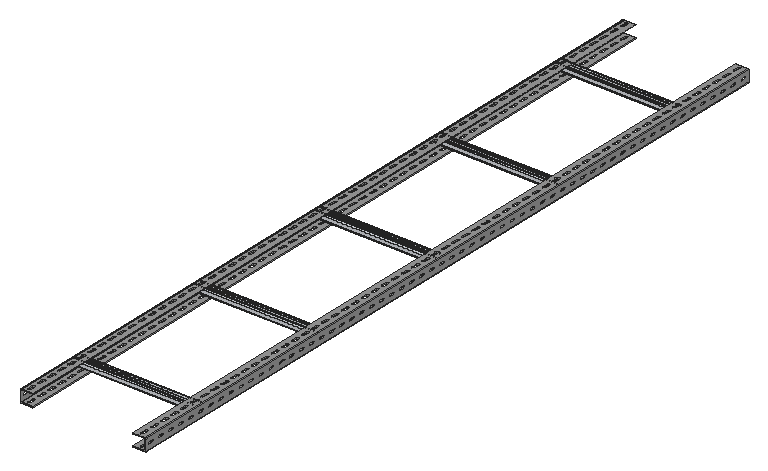
Revit family "steigeleiter__5_FT_FTSO_FTK_A2_A4.500rfa", category Generic Models, Revit 2017 (continued)
Forms (mm)
  Extrusion 150, void
    sketch origin (0, 1400, 0) x (1, 0, 0) y (0, 1, 0)
      loop
        arc (-230.5, 15.5) -> (-225, 10) -> (-219.5, 15.5) r 5.5
        line (-219.5, 15.5) -> (-219.5, 34.5)
        arc (-219.5, 34.5) -> (-225, 40) -> (-230.5, 34.5) r 5.5
        line (-230.5, 34.5) -> (-230.5, 15.5)
    from 0 to 2.5
  Extrusion 151, void
    sketch origin (0, 1450, 0) x (1, 0, 0) y (0, 1, 0)
      loop
        arc (-230.5, 15.5) -> (-225, 10) -> (-219.5, 15.5) r 5.5
        line (-219.5, 15.5) -> (-219.5, 34.5)
        arc (-219.5, 34.5) -> (-225, 40) -> (-230.5, 34.5) r 5.5
        line (-230.5, 34.5) -> (-230.5, 15.5)
    from 0 to 2.5
  Extrusion 152, void
    sketch origin (0, 1500, 0) x (1, 0, 0) y (0, 1, 0)
      loop
        arc (-230.5, 15.5) -> (-225, 10) -> (-219.5, 15.5) r 5.5
        line (-219.5, 15.5) -> (-219.5, 34.5)
        arc (-219.5, 34.5) -> (-225, 40) -> (-230.5, 34.5) r 5.5
        line (-230.5, 34.5) -> (-230.5, 15.5)
    from 0 to 2.5
  Extrusion 153, void
    sketch origin (0, 1550, 0) x (1, 0, 0) y (0, 1, 0)
      loop
        arc (-230.5, 15.5) -> (-225, 10) -> (-219.5, 15.5) r 5.5
        line (-219.5, 15.5) -> (-219.5, 34.5)
        arc (-219.5, 34.5) -> (-225, 40) -> (-230.5, 34.5) r 5.5
        line (-230.5, 34.5) -> (-230.5, 15.5)
    from 0 to 2.5
  Extrusion 154, void
    sketch origin (0, 1600, 0) x (1, 0, 0) y (0, 1, 0)
      loop
        arc (-230.5, 15.5) -> (-225, 10) -> (-219.5, 15.5) r 5.5
        line (-219.5, 15.5) -> (-219.5, 34.5)
        arc (-219.5, 34.5) -> (-225, 40) -> (-230.5, 34.5) r 5.5
        line (-230.5, 34.5) -> (-230.5, 15.5)
    from 0 to 2.5
  Extrusion 155, void
    sketch origin (0, 1650, 0) x (1, 0, 0) y (0, 1, 0)
      loop
        arc (-230.5, 15.5) -> (-225, 10) -> (-219.5, 15.5) r 5.5
        line (-219.5, 15.5) -> (-219.5, 34.5)
        arc (-219.5, 34.5) -> (-225, 40) -> (-230.5, 34.5) r 5.5
        line (-230.5, 34.5) -> (-230.5, 15.5)
    from 0 to 2.5
  Extrusion 156, void
    sketch origin (0, 1700, 0) x (1, 0, 0) y (0, 1, 0)
      loop
        arc (-230.5, 15.5) -> (-225, 10) -> (-219.5, 15.5) r 5.5
        line (-219.5, 15.5) -> (-219.5, 34.5)
        arc (-219.5, 34.5) -> (-225, 40) -> (-230.5, 34.5) r 5.5
        line (-230.5, 34.5) -> (-230.5, 15.5)
    from 0 to 2.5
  Extrusion 157, void
    sketch origin (0, 1750, 0) x (1, 0, 0) y (0, 1, 0)
      loop
        arc (-230.5, 15.5) -> (-225, 10) -> (-219.5, 15.5) r 5.5
        line (-219.5, 15.5) -> (-219.5, 34.5)
        arc (-219.5, 34.5) -> (-225, 40) -> (-230.5, 34.5) r 5.5
        line (-230.5, 34.5) -> (-230.5, 15.5)
    from 0 to 2.5
  Extrusion 158, void
    sketch origin (0, 1800, 0) x (1, 0, 0) y (0, 1, 0)
      loop
        arc (-230.5, 15.5) -> (-225, 10) -> (-219.5, 15.5) r 5.5
        line (-219.5, 15.5) -> (-219.5, 34.5)
        arc (-219.5, 34.5) -> (-225, 40) -> (-230.5, 34.5) r 5.5
        line (-230.5, 34.5) -> (-230.5, 15.5)
    from 0 to 2.5
  Extrusion 159, void
    sketch origin (0, 1850, 0) x (1, 0, 0) y (0, 1, 0)
      loop
        arc (-230.5, 15.5) -> (-225, 10) -> (-219.5, 15.5) r 5.5
        line (-219.5, 15.5) -> (-219.5, 34.5)
        arc (-219.5, 34.5) -> (-225, 40) -> (-230.5, 34.5) r 5.5
        line (-230.5, 34.5) -> (-230.5, 15.5)
    from 0 to 2.5
  Extrusion 160, void
    sketch origin (0, 1900, 0) x (1, 0, 0) y (0, 1, 0)
      loop
        arc (-230.5, 15.5) -> (-225, 10) -> (-219.5, 15.5) r 5.5
        line (-219.5, 15.5) -> (-219.5, 34.5)
        arc (-219.5, 34.5) -> (-225, 40) -> (-230.5, 34.5) r 5.5
        line (-230.5, 34.5) -> (-230.5, 15.5)
    from 0 to 2.5
  Extrusion 161, void
    sketch origin (0, 1950, 0) x (1, 0, 0) y (0, 1, 0)
      loop
        arc (-230.5, 15.5) -> (-225, 10) -> (-219.5, 15.5) r 5.5
        line (-219.5, 15.5) -> (-219.5, 34.5)
        arc (-219.5, 34.5) -> (-225, 40) -> (-230.5, 34.5) r 5.5
        line (-230.5, 34.5) -> (-230.5, 15.5)
    from 0 to 2.5
  Extrusion 162, void
    sketch origin (0, 2000, 0) x (1, 0, 0) y (0, 1, 0)
      loop
        arc (-230.5, 15.5) -> (-225, 10) -> (-219.5, 15.5) r 5.5
        line (-219.5, 15.5) -> (-219.5, 34.5)
        arc (-219.5, 34.5) -> (-225, 40) -> (-230.5, 34.5) r 5.5
        line (-230.5, 34.5) -> (-230.5, 15.5)
    from 0 to 2.5
  Extrusion 163, void
    sketch origin (0, 2050, 0) x (1, 0, 0) y (0, 1, 0)
      loop
        arc (-230.5, 15.5) -> (-225, 10) -> (-219.5, 15.5) r 5.5
        line (-219.5, 15.5) -> (-219.5, 34.5)
        arc (-219.5, 34.5) -> (-225, 40) -> (-230.5, 34.5) r 5.5
        line (-230.5, 34.5) -> (-230.5, 15.5)
    from 0 to 2.5
  Extrusion 164, void
    sketch origin (0, 2100, 0) x (1, 0, 0) y (0, 1, 0)
      loop
        arc (-230.5, 15.5) -> (-225, 10) -> (-219.5, 15.5) r 5.5
        line (-219.5, 15.5) -> (-219.5, 34.5)
        arc (-219.5, 34.5) -> (-225, 40) -> (-230.5, 34.5) r 5.5
        line (-230.5, 34.5) -> (-230.5, 15.5)
    from 0 to 2.5
  Extrusion 165, void
    sketch origin (0, 2150, 0) x (1, 0, 0) y (0, 1, 0)
      loop
        arc (-230.5, 15.5) -> (-225, 10) -> (-219.5, 15.5) r 5.5
        line (-219.5, 15.5) -> (-219.5, 34.5)
        arc (-219.5, 34.5) -> (-225, 40) -> (-230.5, 34.5) r 5.5
        line (-230.5, 34.5) -> (-230.5, 15.5)
    from 0 to 2.5
  Extrusion 166, void
    sketch origin (0, 2200, 0) x (1, 0, 0) y (0, 1, 0)
      loop
        arc (-230.5, 15.5) -> (-225, 10) -> (-219.5, 15.5) r 5.5
        line (-219.5, 15.5) -> (-219.5, 34.5)
        arc (-219.5, 34.5) -> (-225, 40) -> (-230.5, 34.5) r 5.5
        line (-230.5, 34.5) -> (-230.5, 15.5)
    from 0 to 2.5
  Extrusion 167, void
    sketch origin (0, 2250, 0) x (1, 0, 0) y (0, 1, 0)
      loop
        arc (-230.5, 15.5) -> (-225, 10) -> (-219.5, 15.5) r 5.5
        line (-219.5, 15.5) -> (-219.5, 34.5)
        arc (-219.5, 34.5) -> (-225, 40) -> (-230.5, 34.5) r 5.5
        line (-230.5, 34.5) -> (-230.5, 15.5)
    from 0 to 2.5
  Extrusion 168, void
    sketch origin (0, 2300, 0) x (1, 0, 0) y (0, 1, 0)
      loop
        arc (-230.5, 15.5) -> (-225, 10) -> (-219.5, 15.5) r 5.5
        line (-219.5, 15.5) -> (-219.5, 34.5)
        arc (-219.5, 34.5) -> (-225, 40) -> (-230.5, 34.5) r 5.5
        line (-230.5, 34.5) -> (-230.5, 15.5)
    from 0 to 2.5
  Extrusion 169, void
    sketch origin (0, 2350, 0) x (1, 0, 0) y (0, 1, 0)
      loop
        arc (-230.5, 15.5) -> (-225, 10) -> (-219.5, 15.5) r 5.5
        line (-219.5, 15.5) -> (-219.5, 34.5)
        arc (-219.5, 34.5) -> (-225, 40) -> (-230.5, 34.5) r 5.5
        line (-230.5, 34.5) -> (-230.5, 15.5)
    from 0 to 2.5
  Extrusion 170, void
    sketch origin (0, 2400, 0) x (1, 0, 0) y (0, 1, 0)
      loop
        arc (-230.5, 15.5) -> (-225, 10) -> (-219.5, 15.5) r 5.5
        line (-219.5, 15.5) -> (-219.5, 34.5)
        arc (-219.5, 34.5) -> (-225, 40) -> (-230.5, 34.5) r 5.5
        line (-230.5, 34.5) -> (-230.5, 15.5)
    from 0 to 2.5
  Extrusion 171, void
    sketch origin (0, 2450, 0) x (1, 0, 0) y (0, 1, 0)
      loop
        arc (-230.5, 15.5) -> (-225, 10) -> (-219.5, 15.5) r 5.5
        line (-219.5, 15.5) -> (-219.5, 34.5)
        arc (-219.5, 34.5) -> (-225, 40) -> (-230.5, 34.5) r 5.5
        line (-230.5, 34.5) -> (-230.5, 15.5)
    from 0 to 2.5
  Extrusion 172, void
    sketch origin (0, 2500, 0) x (1, 0, 0) y (0, 1, 0)
      loop
        arc (-230.5, 15.5) -> (-225, 10) -> (-219.5, 15.5) r 5.5
        line (-219.5, 15.5) -> (-219.5, 34.5)
        arc (-219.5, 34.5) -> (-225, 40) -> (-230.5, 34.5) r 5.5
        line (-230.5, 34.5) -> (-230.5, 15.5)
    from 0 to 2.5
  Extrusion 173, void
    sketch origin (0, 2550, 0) x (1, 0, 0) y (0, 1, 0)
      loop
        arc (-230.5, 15.5) -> (-225, 10) -> (-219.5, 15.5) r 5.5
        line (-219.5, 15.5) -> (-219.5, 34.5)
        arc (-219.5, 34.5) -> (-225, 40) -> (-230.5, 34.5) r 5.5
        line (-230.5, 34.5) -> (-230.5, 15.5)
    from 0 to 2.5
  Extrusion 174, void
    sketch origin (0, 2600, 0) x (1, 0, 0) y (0, 1, 0)
      loop
        arc (-230.5, 15.5) -> (-225, 10) -> (-219.5, 15.5) r 5.5
        line (-219.5, 15.5) -> (-219.5, 34.5)
        arc (-219.5, 34.5) -> (-225, 40) -> (-230.5, 34.5) r 5.5
        line (-230.5, 34.5) -> (-230.5, 15.5)
    from 0 to 2.5
  Extrusion 175, void
    sketch origin (0, 2650, 0) x (1, 0, 0) y (0, 1, 0)
      loop
        arc (-230.5, 15.5) -> (-225, 10) -> (-219.5, 15.5) r 5.5
        line (-219.5, 15.5) -> (-219.5, 34.5)
        arc (-219.5, 34.5) -> (-225, 40) -> (-230.5, 34.5) r 5.5
        line (-230.5, 34.5) -> (-230.5, 15.5)
    from 0 to 2.5
  Extrusion 176, void
    sketch origin (0, 2700, 0) x (1, 0, 0) y (0, 1, 0)
      loop
        arc (-230.5, 15.5) -> (-225, 10) -> (-219.5, 15.5) r 5.5
        line (-219.5, 15.5) -> (-219.5, 34.5)
        arc (-219.5, 34.5) -> (-225, 40) -> (-230.5, 34.5) r 5.5
        line (-230.5, 34.5) -> (-230.5, 15.5)
    from 0 to 2.5
  Extrusion 177, void
    sketch origin (0, 2750, 0) x (1, 0, 0) y (0, 1, 0)
      loop
        arc (-230.5, 15.5) -> (-225, 10) -> (-219.5, 15.5) r 5.5
        line (-219.5, 15.5) -> (-219.5, 34.5)
        arc (-219.5, 34.5) -> (-225, 40) -> (-230.5, 34.5) r 5.5
        line (-230.5, 34.5) -> (-230.5, 15.5)
    from 0 to 2.5
  Extrusion 178, void
    sketch origin (0, 2800, 0) x (1, 0, 0) y (0, 1, 0)
      loop
        arc (-230.5, 15.5) -> (-225, 10) -> (-219.5, 15.5) r 5.5
        line (-219.5, 15.5) -> (-219.5, 34.5)
        arc (-219.5, 34.5) -> (-225, 40) -> (-230.5, 34.5) r 5.5
        line (-230.5, 34.5) -> (-230.5, 15.5)
    from 0 to 2.5
  Extrusion 179, void
    sketch origin (0, 2850, 0) x (1, 0, 0) y (0, 1, 0)
      loop
        arc (-230.5, 15.5) -> (-225, 10) -> (-219.5, 15.5) r 5.5
        line (-219.5, 15.5) -> (-219.5, 34.5)
        arc (-219.5, 34.5) -> (-225, 40) -> (-230.5, 34.5) r 5.5
        line (-230.5, 34.5) -> (-230.5, 15.5)
    from 0 to 2.5
  Extrusion 180, void
    sketch origin (0, 2900, 0) x (1, 0, 0) y (0, 1, 0)
      loop
        arc (-230.5, 15.5) -> (-225, 10) -> (-219.5, 15.5) r 5.5
        line (-219.5, 15.5) -> (-219.5, 34.5)
        arc (-219.5, 34.5) -> (-225, 40) -> (-230.5, 34.5) r 5.5
        line (-230.5, 34.5) -> (-230.5, 15.5)
    from 0 to 2.5
  Extrusion 181, void
    sketch origin (0, 2950, 0) x (1, 0, 0) y (0, 1, 0)
      loop
        arc (-230.5, 15.5) -> (-225, 10) -> (-219.5, 15.5) r 5.5
        line (-219.5, 15.5) -> (-219.5, 34.5)
        arc (-219.5, 34.5) -> (-225, 40) -> (-230.5, 34.5) r 5.5
        line (-230.5, 34.5) -> (-230.5, 15.5)
    from 0 to 2.5
  Extrusion 182, void
    sketch origin (0, 0, 0) x (1, 0, 0) y (0, 1, 0)
      loop
        arc (219.5, 15.5) -> (225, 10) -> (230.5, 15.5) r 5.5
        line (230.5, 15.5) -> (230.5, 34.5)
        arc (230.5, 34.5) -> (225, 40) -> (219.5, 34.5) r 5.5
        line (219.5, 34.5) -> (219.5, 15.5)
    from 0 to 2.5
  Extrusion 183, void
    sketch origin (0, 50, 0) x (1, 0, 0) y (0, 1, 0)
      loop
        arc (219.5, 15.5) -> (225, 10) -> (230.5, 15.5) r 5.5
        line (230.5, 15.5) -> (230.5, 34.5)
        arc (230.5, 34.5) -> (225, 40) -> (219.5, 34.5) r 5.5
        line (219.5, 34.5) -> (219.5, 15.5)
    from 0 to 2.5
  Extrusion 184, void
    sketch origin (0, 100, 0) x (1, 0, 0) y (0, 1, 0)
      loop
        arc (219.5, 15.5) -> (225, 10) -> (230.5, 15.5) r 5.5
        line (230.5, 15.5) -> (230.5, 34.5)
        arc (230.5, 34.5) -> (225, 40) -> (219.5, 34.5) r 5.5
        line (219.5, 34.5) -> (219.5, 15.5)
    from 0 to 2.5
  Extrusion 185, void
    sketch origin (0, 150, 0) x (1, 0, 0) y (0, 1, 0)
      loop
        arc (219.5, 15.5) -> (225, 10) -> (230.5, 15.5) r 5.5
        line (230.5, 15.5) -> (230.5, 34.5)
        arc (230.5, 34.5) -> (225, 40) -> (219.5, 34.5) r 5.5
        line (219.5, 34.5) -> (219.5, 15.5)
    from 0 to 2.5
  Extrusion 186, void
    sketch origin (0, 200, 0) x (1, 0, 0) y (0, 1, 0)
      loop
        arc (219.5, 15.5) -> (225, 10) -> (230.5, 15.5) r 5.5
        line (230.5, 15.5) -> (230.5, 34.5)
        arc (230.5, 34.5) -> (225, 40) -> (219.5, 34.5) r 5.5
        line (219.5, 34.5) -> (219.5, 15.5)
    from 0 to 2.5
  Extrusion 187, void
    sketch origin (0, 250, 0) x (1, 0, 0) y (0, 1, 0)
      loop
        arc (219.5, 15.5) -> (225, 10) -> (230.5, 15.5) r 5.5
        line (230.5, 15.5) -> (230.5, 34.5)
        arc (230.5, 34.5) -> (225, 40) -> (219.5, 34.5) r 5.5
        line (219.5, 34.5) -> (219.5, 15.5)
    from 0 to 2.5
  Extrusion 188, void
    sketch origin (0, 300, 0) x (1, 0, 0) y (0, 1, 0)
      loop
        arc (219.5, 15.5) -> (225, 10) -> (230.5, 15.5) r 5.5
        line (230.5, 15.5) -> (230.5, 34.5)
        arc (230.5, 34.5) -> (225, 40) -> (219.5, 34.5) r 5.5
        line (219.5, 34.5) -> (219.5, 15.5)
    from 0 to 2.5
  Extrusion 189, void
    sketch origin (0, 350, 0) x (1, 0, 0) y (0, 1, 0)
      loop
        arc (219.5, 15.5) -> (225, 10) -> (230.5, 15.5) r 5.5
        line (230.5, 15.5) -> (230.5, 34.5)
        arc (230.5, 34.5) -> (225, 40) -> (219.5, 34.5) r 5.5
        line (219.5, 34.5) -> (219.5, 15.5)
    from 0 to 2.5
  Extrusion 190, void
    sketch origin (0, 400, 0) x (1, 0, 0) y (0, 1, 0)
      loop
        arc (219.5, 15.5) -> (225, 10) -> (230.5, 15.5) r 5.5
        line (230.5, 15.5) -> (230.5, 34.5)
        arc (230.5, 34.5) -> (225, 40) -> (219.5, 34.5) r 5.5
        line (219.5, 34.5) -> (219.5, 15.5)
    from 0 to 2.5
  Extrusion 191, void
    sketch origin (0, 450, 0) x (1, 0, 0) y (0, 1, 0)
      loop
        arc (219.5, 15.5) -> (225, 10) -> (230.5, 15.5) r 5.5
        line (230.5, 15.5) -> (230.5, 34.5)
        arc (230.5, 34.5) -> (225, 40) -> (219.5, 34.5) r 5.5
        line (219.5, 34.5) -> (219.5, 15.5)
    from 0 to 2.5
  Extrusion 192, void
    sketch origin (0, 500, 0) x (1, 0, 0) y (0, 1, 0)
      loop
        arc (219.5, 15.5) -> (225, 10) -> (230.5, 15.5) r 5.5
        line (230.5, 15.5) -> (230.5, 34.5)
        arc (230.5, 34.5) -> (225, 40) -> (219.5, 34.5) r 5.5
        line (219.5, 34.5) -> (219.5, 15.5)
    from 0 to 2.5
  Extrusion 193, void
    sketch origin (0, 550, 0) x (1, 0, 0) y (0, 1, 0)
      loop
        arc (219.5, 15.5) -> (225, 10) -> (230.5, 15.5) r 5.5
        line (230.5, 15.5) -> (230.5, 34.5)
        arc (230.5, 34.5) -> (225, 40) -> (219.5, 34.5) r 5.5
        line (219.5, 34.5) -> (219.5, 15.5)
    from 0 to 2.5
  Extrusion 194, void
    sketch origin (0, 600, 0) x (1, 0, 0) y (0, 1, 0)
      loop
        arc (219.5, 15.5) -> (225, 10) -> (230.5, 15.5) r 5.5
        line (230.5, 15.5) -> (230.5, 34.5)
        arc (230.5, 34.5) -> (225, 40) -> (219.5, 34.5) r 5.5
        line (219.5, 34.5) -> (219.5, 15.5)
    from 0 to 2.5
  Extrusion 195, void
    sketch origin (0, 650, 0) x (1, 0, 0) y (0, 1, 0)
      loop
        arc (219.5, 15.5) -> (225, 10) -> (230.5, 15.5) r 5.5
        line (230.5, 15.5) -> (230.5, 34.5)
        arc (230.5, 34.5) -> (225, 40) -> (219.5, 34.5) r 5.5
        line (219.5, 34.5) -> (219.5, 15.5)
    from 0 to 2.5
  Extrusion 196, void
    sketch origin (0, 700, 0) x (1, 0, 0) y (0, 1, 0)
      loop
        arc (219.5, 15.5) -> (225, 10) -> (230.5, 15.5) r 5.5
        line (230.5, 15.5) -> (230.5, 34.5)
        arc (230.5, 34.5) -> (225, 40) -> (219.5, 34.5) r 5.5
        line (219.5, 34.5) -> (219.5, 15.5)
    from 0 to 2.5
  Extrusion 197, void
    sketch origin (0, 750, 0) x (1, 0, 0) y (0, 1, 0)
      loop
        arc (219.5, 15.5) -> (225, 10) -> (230.5, 15.5) r 5.5
        line (230.5, 15.5) -> (230.5, 34.5)
        arc (230.5, 34.5) -> (225, 40) -> (219.5, 34.5) r 5.5
        line (219.5, 34.5) -> (219.5, 15.5)
    from 0 to 2.5
  Extrusion 198, void
    sketch origin (0, 800, 0) x (1, 0, 0) y (0, 1, 0)
      loop
        arc (219.5, 15.5) -> (225, 10) -> (230.5, 15.5) r 5.5
        line (230.5, 15.5) -> (230.5, 34.5)
        arc (230.5, 34.5) -> (225, 40) -> (219.5, 34.5) r 5.5
        line (219.5, 34.5) -> (219.5, 15.5)
    from 0 to 2.5
  Extrusion 199, void
    sketch origin (0, 850, 0) x (1, 0, 0) y (0, 1, 0)
      loop
        arc (219.5, 15.5) -> (225, 10) -> (230.5, 15.5) r 5.5
        line (230.5, 15.5) -> (230.5, 34.5)
        arc (230.5, 34.5) -> (225, 40) -> (219.5, 34.5) r 5.5
        line (219.5, 34.5) -> (219.5, 15.5)
    from 0 to 2.5
  Extrusion 200, void
    sketch origin (0, 900, 0) x (1, 0, 0) y (0, 1, 0)
      loop
        arc (219.5, 15.5) -> (225, 10) -> (230.5, 15.5) r 5.5
        line (230.5, 15.5) -> (230.5, 34.5)
        arc (230.5, 34.5) -> (225, 40) -> (219.5, 34.5) r 5.5
        line (219.5, 34.5) -> (219.5, 15.5)
    from 0 to 2.5
  Extrusion 201, void
    sketch origin (0, 950, 0) x (1, 0, 0) y (0, 1, 0)
      loop
        arc (219.5, 15.5) -> (225, 10) -> (230.5, 15.5) r 5.5
        line (230.5, 15.5) -> (230.5, 34.5)
        arc (230.5, 34.5) -> (225, 40) -> (219.5, 34.5) r 5.5
        line (219.5, 34.5) -> (219.5, 15.5)
    from 0 to 2.5
  Extrusion 202, void
    sketch origin (0, 1000, 0) x (1, 0, 0) y (0, 1, 0)
      loop
        arc (219.5, 15.5) -> (225, 10) -> (230.5, 15.5) r 5.5
        line (230.5, 15.5) -> (230.5, 34.5)
        arc (230.5, 34.5) -> (225, 40) -> (219.5, 34.5) r 5.5
        line (219.5, 34.5) -> (219.5, 15.5)
    from 0 to 2.5
  Extrusion 203, void
    sketch origin (0, 1050, 0) x (1, 0, 0) y (0, 1, 0)
      loop
        arc (219.5, 15.5) -> (225, 10) -> (230.5, 15.5) r 5.5
        line (230.5, 15.5) -> (230.5, 34.5)
        arc (230.5, 34.5) -> (225, 40) -> (219.5, 34.5) r 5.5
        line (219.5, 34.5) -> (219.5, 15.5)
    from 0 to 2.5
  Extrusion 204, void
    sketch origin (0, 1100, 0) x (1, 0, 0) y (0, 1, 0)
      loop
        arc (219.5, 15.5) -> (225, 10) -> (230.5, 15.5) r 5.5
        line (230.5, 15.5) -> (230.5, 34.5)
        arc (230.5, 34.5) -> (225, 40) -> (219.5, 34.5) r 5.5
        line (219.5, 34.5) -> (219.5, 15.5)
    from 0 to 2.5
  Extrusion 205, void
    sketch origin (0, 1150, 0) x (1, 0, 0) y (0, 1, 0)
      loop
        arc (219.5, 15.5) -> (225, 10) -> (230.5, 15.5) r 5.5
        line (230.5, 15.5) -> (230.5, 34.5)
        arc (230.5, 34.5) -> (225, 40) -> (219.5, 34.5) r 5.5
        line (219.5, 34.5) -> (219.5, 15.5)
    from 0 to 2.5
  Extrusion 206, void
    sketch origin (0, 1200, 0) x (1, 0, 0) y (0, 1, 0)
      loop
        arc (219.5, 15.5) -> (225, 10) -> (230.5, 15.5) r 5.5
        line (230.5, 15.5) -> (230.5, 34.5)
        arc (230.5, 34.5) -> (225, 40) -> (219.5, 34.5) r 5.5
        line (219.5, 34.5) -> (219.5, 15.5)
    from 0 to 2.5
  Extrusion 207, void
    sketch origin (0, 1250, 0) x (1, 0, 0) y (0, 1, 0)
      loop
        arc (219.5, 15.5) -> (225, 10) -> (230.5, 15.5) r 5.5
        line (230.5, 15.5) -> (230.5, 34.5)
        arc (230.5, 34.5) -> (225, 40) -> (219.5, 34.5) r 5.5
        line (219.5, 34.5) -> (219.5, 15.5)
    from 0 to 2.5
  Extrusion 208, void
    sketch origin (0, 1300, 0) x (1, 0, 0) y (0, 1, 0)
      loop
        arc (219.5, 15.5) -> (225, 10) -> (230.5, 15.5) r 5.5
        line (230.5, 15.5) -> (230.5, 34.5)
        arc (230.5, 34.5) -> (225, 40) -> (219.5, 34.5) r 5.5
        line (219.5, 34.5) -> (219.5, 15.5)
    from 0 to 2.5
  Extrusion 209, void
    sketch origin (0, 1350, 0) x (1, 0, 0) y (0, 1, 0)
      loop
        arc (219.5, 15.5) -> (225, 10) -> (230.5, 15.5) r 5.5
        line (230.5, 15.5) -> (230.5, 34.5)
        arc (230.5, 34.5) -> (225, 40) -> (219.5, 34.5) r 5.5
        line (219.5, 34.5) -> (219.5, 15.5)
    from 0 to 2.5
  Extrusion 210, void
    sketch origin (0, 1400, 0) x (1, 0, 0) y (0, 1, 0)
      loop
        arc (219.5, 15.5) -> (225, 10) -> (230.5, 15.5) r 5.5
        line (230.5, 15.5) -> (230.5, 34.5)
        arc (230.5, 34.5) -> (225, 40) -> (219.5, 34.5) r 5.5
        line (219.5, 34.5) -> (219.5, 15.5)
    from 0 to 2.5
  Extrusion 211, void
    sketch origin (0, 1450, 0) x (1, 0, 0) y (0, 1, 0)
      loop
        arc (219.5, 15.5) -> (225, 10) -> (230.5, 15.5) r 5.5
        line (230.5, 15.5) -> (230.5, 34.5)
        arc (230.5, 34.5) -> (225, 40) -> (219.5, 34.5) r 5.5
        line (219.5, 34.5) -> (219.5, 15.5)
    from 0 to 2.5
  Extrusion 212, void
    sketch origin (0, 1500, 0) x (1, 0, 0) y (0, 1, 0)
      loop
        arc (219.5, 15.5) -> (225, 10) -> (230.5, 15.5) r 5.5
        line (230.5, 15.5) -> (230.5, 34.5)
        arc (230.5, 34.5) -> (225, 40) -> (219.5, 34.5) r 5.5
        line (219.5, 34.5) -> (219.5, 15.5)
    from 0 to 2.5
  Extrusion 213, void
    sketch origin (0, 1550, 0) x (1, 0, 0) y (0, 1, 0)
      loop
        arc (219.5, 15.5) -> (225, 10) -> (230.5, 15.5) r 5.5
        line (230.5, 15.5) -> (230.5, 34.5)
        arc (230.5, 34.5) -> (225, 40) -> (219.5, 34.5) r 5.5
        line (219.5, 34.5) -> (219.5, 15.5)
    from 0 to 2.5
  Extrusion 214, void
    sketch origin (0, 1600, 0) x (1, 0, 0) y (0, 1, 0)
      loop
        arc (219.5, 15.5) -> (225, 10) -> (230.5, 15.5) r 5.5
        line (230.5, 15.5) -> (230.5, 34.5)
        arc (230.5, 34.5) -> (225, 40) -> (219.5, 34.5) r 5.5
        line (219.5, 34.5) -> (219.5, 15.5)
    from 0 to 2.5
  Extrusion 215, void
    sketch origin (0, 1650, 0) x (1, 0, 0) y (0, 1, 0)
      loop
        arc (219.5, 15.5) -> (225, 10) -> (230.5, 15.5) r 5.5
        line (230.5, 15.5) -> (230.5, 34.5)
        arc (230.5, 34.5) -> (225, 40) -> (219.5, 34.5) r 5.5
        line (219.5, 34.5) -> (219.5, 15.5)
    from 0 to 2.5
  Extrusion 216, void
    sketch origin (0, 1700, 0) x (1, 0, 0) y (0, 1, 0)
      loop
        arc (219.5, 15.5) -> (225, 10) -> (230.5, 15.5) r 5.5
        line (230.5, 15.5) -> (230.5, 34.5)
        arc (230.5, 34.5) -> (225, 40) -> (219.5, 34.5) r 5.5
        line (219.5, 34.5) -> (219.5, 15.5)
    from 0 to 2.5
  Extrusion 217, void
    sketch origin (0, 1750, 0) x (1, 0, 0) y (0, 1, 0)
      loop
        arc (219.5, 15.5) -> (225, 10) -> (230.5, 15.5) r 5.5
        line (230.5, 15.5) -> (230.5, 34.5)
        arc (230.5, 34.5) -> (225, 40) -> (219.5, 34.5) r 5.5
        line (219.5, 34.5) -> (219.5, 15.5)
    from 0 to 2.5
  Extrusion 218, void
    sketch origin (0, 1800, 0) x (1, 0, 0) y (0, 1, 0)
      loop
        arc (219.5, 15.5) -> (225, 10) -> (230.5, 15.5) r 5.5
        line (230.5, 15.5) -> (230.5, 34.5)
        arc (230.5, 34.5) -> (225, 40) -> (219.5, 34.5) r 5.5
        line (219.5, 34.5) -> (219.5, 15.5)
    from 0 to 2.5
  Extrusion 219, void
    sketch origin (0, 1850, 0) x (1, 0, 0) y (0, 1, 0)
      loop
        arc (219.5, 15.5) -> (225, 10) -> (230.5, 15.5) r 5.5
        line (230.5, 15.5) -> (230.5, 34.5)
        arc (230.5, 34.5) -> (225, 40) -> (219.5, 34.5) r 5.5
        line (219.5, 34.5) -> (219.5, 15.5)
    from 0 to 2.5
  Extrusion 220, void
    sketch origin (0, 1900, 0) x (1, 0, 0) y (0, 1, 0)
      loop
        arc (219.5, 15.5) -> (225, 10) -> (230.5, 15.5) r 5.5
        line (230.5, 15.5) -> (230.5, 34.5)
        arc (230.5, 34.5) -> (225, 40) -> (219.5, 34.5) r 5.5
        line (219.5, 34.5) -> (219.5, 15.5)
    from 0 to 2.5
  Extrusion 221, void
    sketch origin (0, 1950, 0) x (1, 0, 0) y (0, 1, 0)
      loop
        arc (219.5, 15.5) -> (225, 10) -> (230.5, 15.5) r 5.5
        line (230.5, 15.5) -> (230.5, 34.5)
        arc (230.5, 34.5) -> (225, 40) -> (219.5, 34.5) r 5.5
        line (219.5, 34.5) -> (219.5, 15.5)
    from 0 to 2.5
  Extrusion 222, void
    sketch origin (0, 2000, 0) x (1, 0, 0) y (0, 1, 0)
      loop
        arc (219.5, 15.5) -> (225, 10) -> (230.5, 15.5) r 5.5
        line (230.5, 15.5) -> (230.5, 34.5)
        arc (230.5, 34.5) -> (225, 40) -> (219.5, 34.5) r 5.5
        line (219.5, 34.5) -> (219.5, 15.5)
    from 0 to 2.5
  Extrusion 223, void
    sketch origin (0, 2050, 0) x (1, 0, 0) y (0, 1, 0)
      loop
        arc (219.5, 15.5) -> (225, 10) -> (230.5, 15.5) r 5.5
        line (230.5, 15.5) -> (230.5, 34.5)
        arc (230.5, 34.5) -> (225, 40) -> (219.5, 34.5) r 5.5
        line (219.5, 34.5) -> (219.5, 15.5)
    from 0 to 2.5
  Extrusion 224, void
    sketch origin (0, 2100, 0) x (1, 0, 0) y (0, 1, 0)
      loop
        arc (219.5, 15.5) -> (225, 10) -> (230.5, 15.5) r 5.5
        line (230.5, 15.5) -> (230.5, 34.5)
        arc (230.5, 34.5) -> (225, 40) -> (219.5, 34.5) r 5.5
        line (219.5, 34.5) -> (219.5, 15.5)
    from 0 to 2.5
  Extrusion 225, void
    sketch origin (0, 2150, 0) x (1, 0, 0) y (0, 1, 0)
      loop
        arc (219.5, 15.5) -> (225, 10) -> (230.5, 15.5) r 5.5
        line (230.5, 15.5) -> (230.5, 34.5)
        arc (230.5, 34.5) -> (225, 40) -> (219.5, 34.5) r 5.5
        line (219.5, 34.5) -> (219.5, 15.5)
    from 0 to 2.5
  Extrusion 226, void
    sketch origin (0, 2200, 0) x (1, 0, 0) y (0, 1, 0)
      loop
        arc (219.5, 15.5) -> (225, 10) -> (230.5, 15.5) r 5.5
        line (230.5, 15.5) -> (230.5, 34.5)
        arc (230.5, 34.5) -> (225, 40) -> (219.5, 34.5) r 5.5
        line (219.5, 34.5) -> (219.5, 15.5)
    from 0 to 2.5
  Extrusion 227, void
    sketch origin (0, 2250, 0) x (1, 0, 0) y (0, 1, 0)
      loop
        arc (219.5, 15.5) -> (225, 10) -> (230.5, 15.5) r 5.5
        line (230.5, 15.5) -> (230.5, 34.5)
        arc (230.5, 34.5) -> (225, 40) -> (219.5, 34.5) r 5.5
        line (219.5, 34.5) -> (219.5, 15.5)
    from 0 to 2.5
  Extrusion 228, void
    sketch origin (0, 2300, 0) x (1, 0, 0) y (0, 1, 0)
      loop
        arc (219.5, 15.5) -> (225, 10) -> (230.5, 15.5) r 5.5
        line (230.5, 15.5) -> (230.5, 34.5)
        arc (230.5, 34.5) -> (225, 40) -> (219.5, 34.5) r 5.5
        line (219.5, 34.5) -> (219.5, 15.5)
    from 0 to 2.5
  Extrusion 229, void
    sketch origin (0, 2350, 0) x (1, 0, 0) y (0, 1, 0)
      loop
        arc (219.5, 15.5) -> (225, 10) -> (230.5, 15.5) r 5.5
        line (230.5, 15.5) -> (230.5, 34.5)
        arc (230.5, 34.5) -> (225, 40) -> (219.5, 34.5) r 5.5
        line (219.5, 34.5) -> (219.5, 15.5)
    from 0 to 2.5
  Extrusion 230, void
    sketch origin (0, 2400, 0) x (1, 0, 0) y (0, 1, 0)
      loop
        arc (219.5, 15.5) -> (225, 10) -> (230.5, 15.5) r 5.5
        line (230.5, 15.5) -> (230.5, 34.5)
        arc (230.5, 34.5) -> (225, 40) -> (219.5, 34.5) r 5.5
        line (219.5, 34.5) -> (219.5, 15.5)
    from 0 to 2.5
  Extrusion 231, void
    sketch origin (0, 2450, 0) x (1, 0, 0) y (0, 1, 0)
      loop
        arc (219.5, 15.5) -> (225, 10) -> (230.5, 15.5) r 5.5
        line (230.5, 15.5) -> (230.5, 34.5)
        arc (230.5, 34.5) -> (225, 40) -> (219.5, 34.5) r 5.5
        line (219.5, 34.5) -> (219.5, 15.5)
    from 0 to 2.5
  Extrusion 232, void
    sketch origin (0, 2500, 0) x (1, 0, 0) y (0, 1, 0)
      loop
        arc (219.5, 15.5) -> (225, 10) -> (230.5, 15.5) r 5.5
        line (230.5, 15.5) -> (230.5, 34.5)
        arc (230.5, 34.5) -> (225, 40) -> (219.5, 34.5) r 5.5
        line (219.5, 34.5) -> (219.5, 15.5)
    from 0 to 2.5
  Extrusion 233, void
    sketch origin (0, 2550, 0) x (1, 0, 0) y (0, 1, 0)
      loop
        arc (219.5, 15.5) -> (225, 10) -> (230.5, 15.5) r 5.5
        line (230.5, 15.5) -> (230.5, 34.5)
        arc (230.5, 34.5) -> (225, 40) -> (219.5, 34.5) r 5.5
        line (219.5, 34.5) -> (219.5, 15.5)
    from 0 to 2.5
  Extrusion 234, void
    sketch origin (0, 2600, 0) x (1, 0, 0) y (0, 1, 0)
      loop
        arc (219.5, 15.5) -> (225, 10) -> (230.5, 15.5) r 5.5
        line (230.5, 15.5) -> (230.5, 34.5)
        arc (230.5, 34.5) -> (225, 40) -> (219.5, 34.5) r 5.5
        line (219.5, 34.5) -> (219.5, 15.5)
    from 0 to 2.5
  Extrusion 235, void
    sketch origin (0, 2650, 0) x (1, 0, 0) y (0, 1, 0)
      loop
        arc (219.5, 15.5) -> (225, 10) -> (230.5, 15.5) r 5.5
        line (230.5, 15.5) -> (230.5, 34.5)
        arc (230.5, 34.5) -> (225, 40) -> (219.5, 34.5) r 5.5
        line (219.5, 34.5) -> (219.5, 15.5)
    from 0 to 2.5
  Extrusion 236, void
    sketch origin (0, 2700, 0) x (1, 0, 0) y (0, 1, 0)
      loop
        arc (219.5, 15.5) -> (225, 10) -> (230.5, 15.5) r 5.5
        line (230.5, 15.5) -> (230.5, 34.5)
        arc (230.5, 34.5) -> (225, 40) -> (219.5, 34.5) r 5.5
        line (219.5, 34.5) -> (219.5, 15.5)
    from 0 to 2.5
  Extrusion 237, void
    sketch origin (0, 2750, 0) x (1, 0, 0) y (0, 1, 0)
      loop
        arc (219.5, 15.5) -> (225, 10) -> (230.5, 15.5) r 5.5
        line (230.5, 15.5) -> (230.5, 34.5)
        arc (230.5, 34.5) -> (225, 40) -> (219.5, 34.5) r 5.5
        line (219.5, 34.5) -> (219.5, 15.5)
    from 0 to 2.5
  Extrusion 238, void
    sketch origin (0, 2800, 0) x (1, 0, 0) y (0, 1, 0)
      loop
        arc (219.5, 15.5) -> (225, 10) -> (230.5, 15.5) r 5.5
        line (230.5, 15.5) -> (230.5, 34.5)
        arc (230.5, 34.5) -> (225, 40) -> (219.5, 34.5) r 5.5
        line (219.5, 34.5) -> (219.5, 15.5)
    from 0 to 2.5
  Extrusion 239, void
    sketch origin (0, 2850, 0) x (1, 0, 0) y (0, 1, 0)
      loop
        arc (219.5, 15.5) -> (225, 10) -> (230.5, 15.5) r 5.5
        line (230.5, 15.5) -> (230.5, 34.5)
        arc (230.5, 34.5) -> (225, 40) -> (219.5, 34.5) r 5.5
        line (219.5, 34.5) -> (219.5, 15.5)
    from 0 to 2.5
  Extrusion 240, void
    sketch origin (0, 2900, 0) x (1, 0, 0) y (0, 1, 0)
      loop
        arc (219.5, 15.5) -> (225, 10) -> (230.5, 15.5) r 5.5
        line (230.5, 15.5) -> (230.5, 34.5)
        arc (230.5, 34.5) -> (225, 40) -> (219.5, 34.5) r 5.5
        line (219.5, 34.5) -> (219.5, 15.5)
    from 0 to 2.5
  Extrusion 241, void
    sketch origin (0, 2950, 0) x (1, 0, 0) y (0, 1, 0)
      loop
        arc (219.5, 15.5) -> (225, 10) -> (230.5, 15.5) r 5.5
        line (230.5, 15.5) -> (230.5, 34.5)
        arc (230.5, 34.5) -> (225, 40) -> (219.5, 34.5) r 5.5
        line (219.5, 34.5) -> (219.5, 15.5)
    from 0 to 2.5
  Extrusion 242, void
    sketch origin (0, 0, 0) x (0, 1, 0) y (0, 0, 1)
      loop
        arc (15.5, 30.5) -> (10, 25) -> (15.5, 19.5) r 5.5
        line (15.5, 19.5) -> (34.5, 19.5)
        arc (34.5, 19.5) -> (40, 25) -> (34.5, 30.5) r 5.5
        line (34.5, 30.5) -> (15.5, 30.5)
    from 247.5 to 250
  Extrusion 243, void
    sketch origin (0, 50, 0) x (0, 1, 0) y (0, 0, 1)
      loop
        arc (15.5, 30.5) -> (10, 25) -> (15.5, 19.5) r 5.5
        line (15.5, 19.5) -> (34.5, 19.5)
        arc (34.5, 19.5) -> (40, 25) -> (34.5, 30.5) r 5.5
        line (34.5, 30.5) -> (15.5, 30.5)
    from 247.5 to 250
  Extrusion 244, void
    sketch origin (0, 100, 0) x (0, 1, 0) y (0, 0, 1)
      loop
        arc (15.5, 30.5) -> (10, 25) -> (15.5, 19.5) r 5.5
        line (15.5, 19.5) -> (34.5, 19.5)
        arc (34.5, 19.5) -> (40, 25) -> (34.5, 30.5) r 5.5
        line (34.5, 30.5) -> (15.5, 30.5)
    from 247.5 to 250
  Extrusion 245, void
    sketch origin (0, 150, 0) x (0, 1, 0) y (0, 0, 1)
      loop
        arc (15.5, 30.5) -> (10, 25) -> (15.5, 19.5) r 5.5
        line (15.5, 19.5) -> (34.5, 19.5)
        arc (34.5, 19.5) -> (40, 25) -> (34.5, 30.5) r 5.5
        line (34.5, 30.5) -> (15.5, 30.5)
    from 247.5 to 250
  Extrusion 246, void
    sketch origin (0, 200, 0) x (0, 1, 0) y (0, 0, 1)
      loop
        arc (15.5, 30.5) -> (10, 25) -> (15.5, 19.5) r 5.5
        line (15.5, 19.5) -> (34.5, 19.5)
        arc (34.5, 19.5) -> (40, 25) -> (34.5, 30.5) r 5.5
        line (34.5, 30.5) -> (15.5, 30.5)
    from 247.5 to 250
  Extrusion 247, void
    sketch origin (0, 250, 0) x (0, 1, 0) y (0, 0, 1)
      loop
        arc (15.5, 30.5) -> (10, 25) -> (15.5, 19.5) r 5.5
        line (15.5, 19.5) -> (34.5, 19.5)
        arc (34.5, 19.5) -> (40, 25) -> (34.5, 30.5) r 5.5
        line (34.5, 30.5) -> (15.5, 30.5)
    from 247.5 to 250
  Extrusion 248, void
    sketch origin (0, 300, 0) x (0, 1, 0) y (0, 0, 1)
      loop
        arc (15.5, 30.5) -> (10, 25) -> (15.5, 19.5) r 5.5
        line (15.5, 19.5) -> (34.5, 19.5)
        arc (34.5, 19.5) -> (40, 25) -> (34.5, 30.5) r 5.5
        line (34.5, 30.5) -> (15.5, 30.5)
    from 247.5 to 250
  Extrusion 249, void
    sketch origin (0, 350, 0) x (0, 1, 0) y (0, 0, 1)
      loop
        arc (15.5, 30.5) -> (10, 25) -> (15.5, 19.5) r 5.5
        line (15.5, 19.5) -> (34.5, 19.5)
        arc (34.5, 19.5) -> (40, 25) -> (34.5, 30.5) r 5.5
        line (34.5, 30.5) -> (15.5, 30.5)
    from 247.5 to 250
  Extrusion 250, void
    sketch origin (0, 400, 0) x (0, 1, 0) y (0, 0, 1)
      loop
        arc (15.5, 30.5) -> (10, 25) -> (15.5, 19.5) r 5.5
        line (15.5, 19.5) -> (34.5, 19.5)
        arc (34.5, 19.5) -> (40, 25) -> (34.5, 30.5) r 5.5
        line (34.5, 30.5) -> (15.5, 30.5)
    from 247.5 to 250
  Extrusion 251, void
    sketch origin (0, 450, 0) x (0, 1, 0) y (0, 0, 1)
      loop
        arc (15.5, 30.5) -> (10, 25) -> (15.5, 19.5) r 5.5
        line (15.5, 19.5) -> (34.5, 19.5)
        arc (34.5, 19.5) -> (40, 25) -> (34.5, 30.5) r 5.5
        line (34.5, 30.5) -> (15.5, 30.5)
    from 247.5 to 250
  Extrusion 252, void
    sketch origin (0, 500, 0) x (0, 1, 0) y (0, 0, 1)
      loop
        arc (15.5, 30.5) -> (10, 25) -> (15.5, 19.5) r 5.5
        line (15.5, 19.5) -> (34.5, 19.5)
        arc (34.5, 19.5) -> (40, 25) -> (34.5, 30.5) r 5.5
        line (34.5, 30.5) -> (15.5, 30.5)
    from 247.5 to 250
  Extrusion 253, void
    sketch origin (0, 550, 0) x (0, 1, 0) y (0, 0, 1)
      loop
        arc (15.5, 30.5) -> (10, 25) -> (15.5, 19.5) r 5.5
        line (15.5, 19.5) -> (34.5, 19.5)
        arc (34.5, 19.5) -> (40, 25) -> (34.5, 30.5) r 5.5
        line (34.5, 30.5) -> (15.5, 30.5)
    from 247.5 to 250
  Extrusion 254, void
    sketch origin (0, 600, 0) x (0, 1, 0) y (0, 0, 1)
      loop
        arc (15.5, 30.5) -> (10, 25) -> (15.5, 19.5) r 5.5
        line (15.5, 19.5) -> (34.5, 19.5)
        arc (34.5, 19.5) -> (40, 25) -> (34.5, 30.5) r 5.5
        line (34.5, 30.5) -> (15.5, 30.5)
    from 247.5 to 250
  Extrusion 255, void
    sketch origin (0, 650, 0) x (0, 1, 0) y (0, 0, 1)
      loop
        arc (15.5, 30.5) -> (10, 25) -> (15.5, 19.5) r 5.5
        line (15.5, 19.5) -> (34.5, 19.5)
        arc (34.5, 19.5) -> (40, 25) -> (34.5, 30.5) r 5.5
        line (34.5, 30.5) -> (15.5, 30.5)
    from 247.5 to 250
  Extrusion 256, void
    sketch origin (0, 700, 0) x (0, 1, 0) y (0, 0, 1)
      loop
        arc (15.5, 30.5) -> (10, 25) -> (15.5, 19.5) r 5.5
        line (15.5, 19.5) -> (34.5, 19.5)
        arc (34.5, 19.5) -> (40, 25) -> (34.5, 30.5) r 5.5
        line (34.5, 30.5) -> (15.5, 30.5)
    from 247.5 to 250
  Extrusion 257, void
    sketch origin (0, 750, 0) x (0, 1, 0) y (0, 0, 1)
      loop
        arc (15.5, 30.5) -> (10, 25) -> (15.5, 19.5) r 5.5
        line (15.5, 19.5) -> (34.5, 19.5)
        arc (34.5, 19.5) -> (40, 25) -> (34.5, 30.5) r 5.5
        line (34.5, 30.5) -> (15.5, 30.5)
    from 247.5 to 250
  Extrusion 258, void
    sketch origin (0, 800, 0) x (0, 1, 0) y (0, 0, 1)
      loop
        arc (15.5, 30.5) -> (10, 25) -> (15.5, 19.5) r 5.5
        line (15.5, 19.5) -> (34.5, 19.5)
        arc (34.5, 19.5) -> (40, 25) -> (34.5, 30.5) r 5.5
        line (34.5, 30.5) -> (15.5, 30.5)
    from 247.5 to 250
  Extrusion 259, void
    sketch origin (0, 850, 0) x (0, 1, 0) y (0, 0, 1)
      loop
        arc (15.5, 30.5) -> (10, 25) -> (15.5, 19.5) r 5.5
        line (15.5, 19.5) -> (34.5, 19.5)
        arc (34.5, 19.5) -> (40, 25) -> (34.5, 30.5) r 5.5
        line (34.5, 30.5) -> (15.5, 30.5)
    from 247.5 to 250
  Extrusion 260, void
    sketch origin (0, 900, 0) x (0, 1, 0) y (0, 0, 1)
      loop
        arc (15.5, 30.5) -> (10, 25) -> (15.5, 19.5) r 5.5
        line (15.5, 19.5) -> (34.5, 19.5)
        arc (34.5, 19.5) -> (40, 25) -> (34.5, 30.5) r 5.5
        line (34.5, 30.5) -> (15.5, 30.5)
    from 247.5 to 250
  Extrusion 261, void
    sketch origin (0, 950, 0) x (0, 1, 0) y (0, 0, 1)
      loop
        arc (15.5, 30.5) -> (10, 25) -> (15.5, 19.5) r 5.5
        line (15.5, 19.5) -> (34.5, 19.5)
        arc (34.5, 19.5) -> (40, 25) -> (34.5, 30.5) r 5.5
        line (34.5, 30.5) -> (15.5, 30.5)
    from 247.5 to 250
  Extrusion 262, void
    sketch origin (0, 1000, 0) x (0, 1, 0) y (0, 0, 1)
      loop
        arc (15.5, 30.5) -> (10, 25) -> (15.5, 19.5) r 5.5
        line (15.5, 19.5) -> (34.5, 19.5)
        arc (34.5, 19.5) -> (40, 25) -> (34.5, 30.5) r 5.5
        line (34.5, 30.5) -> (15.5, 30.5)
    from 247.5 to 250
  Extrusion 263, void
    sketch origin (0, 1050, 0) x (0, 1, 0) y (0, 0, 1)
      loop
        arc (15.5, 30.5) -> (10, 25) -> (15.5, 19.5) r 5.5
        line (15.5, 19.5) -> (34.5, 19.5)
        arc (34.5, 19.5) -> (40, 25) -> (34.5, 30.5) r 5.5
        line (34.5, 30.5) -> (15.5, 30.5)
    from 247.5 to 250
  Extrusion 264, void
    sketch origin (0, 1100, 0) x (0, 1, 0) y (0, 0, 1)
      loop
        arc (15.5, 30.5) -> (10, 25) -> (15.5, 19.5) r 5.5
        line (15.5, 19.5) -> (34.5, 19.5)
        arc (34.5, 19.5) -> (40, 25) -> (34.5, 30.5) r 5.5
        line (34.5, 30.5) -> (15.5, 30.5)
    from 247.5 to 250
  Extrusion 265, void
    sketch origin (0, 1150, 0) x (0, 1, 0) y (0, 0, 1)
      loop
        arc (15.5, 30.5) -> (10, 25) -> (15.5, 19.5) r 5.5
        line (15.5, 19.5) -> (34.5, 19.5)
        arc (34.5, 19.5) -> (40, 25) -> (34.5, 30.5) r 5.5
        line (34.5, 30.5) -> (15.5, 30.5)
    from 247.5 to 250
  Extrusion 266, void
    sketch origin (0, 1200, 0) x (0, 1, 0) y (0, 0, 1)
      loop
        arc (15.5, 30.5) -> (10, 25) -> (15.5, 19.5) r 5.5
        line (15.5, 19.5) -> (34.5, 19.5)
        arc (34.5, 19.5) -> (40, 25) -> (34.5, 30.5) r 5.5
        line (34.5, 30.5) -> (15.5, 30.5)
    from 247.5 to 250
  Extrusion 267, void
    sketch origin (0, 1250, 0) x (0, 1, 0) y (0, 0, 1)
      loop
        arc (15.5, 30.5) -> (10, 25) -> (15.5, 19.5) r 5.5
        line (15.5, 19.5) -> (34.5, 19.5)
        arc (34.5, 19.5) -> (40, 25) -> (34.5, 30.5) r 5.5
        line (34.5, 30.5) -> (15.5, 30.5)
    from 247.5 to 250
  Extrusion 268, void
    sketch origin (0, 1300, 0) x (0, 1, 0) y (0, 0, 1)
      loop
        arc (15.5, 30.5) -> (10, 25) -> (15.5, 19.5) r 5.5
        line (15.5, 19.5) -> (34.5, 19.5)
        arc (34.5, 19.5) -> (40, 25) -> (34.5, 30.5) r 5.5
        line (34.5, 30.5) -> (15.5, 30.5)
    from 247.5 to 250
  Extrusion 269, void
    sketch origin (0, 1350, 0) x (0, 1, 0) y (0, 0, 1)
      loop
        arc (15.5, 30.5) -> (10, 25) -> (15.5, 19.5) r 5.5
        line (15.5, 19.5) -> (34.5, 19.5)
        arc (34.5, 19.5) -> (40, 25) -> (34.5, 30.5) r 5.5
        line (34.5, 30.5) -> (15.5, 30.5)
    from 247.5 to 250
  Extrusion 270, void
    sketch origin (0, 1400, 0) x (0, 1, 0) y (0, 0, 1)
      loop
        arc (15.5, 30.5) -> (10, 25) -> (15.5, 19.5) r 5.5
        line (15.5, 19.5) -> (34.5, 19.5)
        arc (34.5, 19.5) -> (40, 25) -> (34.5, 30.5) r 5.5
        line (34.5, 30.5) -> (15.5, 30.5)
    from 247.5 to 250
  Extrusion 271, void
    sketch origin (0, 1450, 0) x (0, 1, 0) y (0, 0, 1)
      loop
        arc (15.5, 30.5) -> (10, 25) -> (15.5, 19.5) r 5.5
        line (15.5, 19.5) -> (34.5, 19.5)
        arc (34.5, 19.5) -> (40, 25) -> (34.5, 30.5) r 5.5
        line (34.5, 30.5) -> (15.5, 30.5)
    from 247.5 to 250
  Extrusion 272, void
    sketch origin (0, 1500, 0) x (0, 1, 0) y (0, 0, 1)
      loop
        arc (15.5, 30.5) -> (10, 25) -> (15.5, 19.5) r 5.5
        line (15.5, 19.5) -> (34.5, 19.5)
        arc (34.5, 19.5) -> (40, 25) -> (34.5, 30.5) r 5.5
        line (34.5, 30.5) -> (15.5, 30.5)
    from 247.5 to 250
  Extrusion 273, void
    sketch origin (0, 1550, 0) x (0, 1, 0) y (0, 0, 1)
      loop
        arc (15.5, 30.5) -> (10, 25) -> (15.5, 19.5) r 5.5
        line (15.5, 19.5) -> (34.5, 19.5)
        arc (34.5, 19.5) -> (40, 25) -> (34.5, 30.5) r 5.5
        line (34.5, 30.5) -> (15.5, 30.5)
    from 247.5 to 250
  Extrusion 274, void
    sketch origin (0, 1600, 0) x (0, 1, 0) y (0, 0, 1)
      loop
        arc (15.5, 30.5) -> (10, 25) -> (15.5, 19.5) r 5.5
        line (15.5, 19.5) -> (34.5, 19.5)
        arc (34.5, 19.5) -> (40, 25) -> (34.5, 30.5) r 5.5
        line (34.5, 30.5) -> (15.5, 30.5)
    from 247.5 to 250
  Extrusion 275, void
    sketch origin (0, 1650, 0) x (0, 1, 0) y (0, 0, 1)
      loop
        arc (15.5, 30.5) -> (10, 25) -> (15.5, 19.5) r 5.5
        line (15.5, 19.5) -> (34.5, 19.5)
        arc (34.5, 19.5) -> (40, 25) -> (34.5, 30.5) r 5.5
        line (34.5, 30.5) -> (15.5, 30.5)
    from 247.5 to 250
  Extrusion 276, void
    sketch origin (0, 1700, 0) x (0, 1, 0) y (0, 0, 1)
      loop
        arc (15.5, 30.5) -> (10, 25) -> (15.5, 19.5) r 5.5
        line (15.5, 19.5) -> (34.5, 19.5)
        arc (34.5, 19.5) -> (40, 25) -> (34.5, 30.5) r 5.5
        line (34.5, 30.5) -> (15.5, 30.5)
    from 247.5 to 250
  Extrusion 277, void
    sketch origin (0, 1750, 0) x (0, 1, 0) y (0, 0, 1)
      loop
        arc (15.5, 30.5) -> (10, 25) -> (15.5, 19.5) r 5.5
        line (15.5, 19.5) -> (34.5, 19.5)
        arc (34.5, 19.5) -> (40, 25) -> (34.5, 30.5) r 5.5
        line (34.5, 30.5) -> (15.5, 30.5)
    from 247.5 to 250
  Extrusion 278, void
    sketch origin (0, 1800, 0) x (0, 1, 0) y (0, 0, 1)
      loop
        arc (15.5, 30.5) -> (10, 25) -> (15.5, 19.5) r 5.5
        line (15.5, 19.5) -> (34.5, 19.5)
        arc (34.5, 19.5) -> (40, 25) -> (34.5, 30.5) r 5.5
        line (34.5, 30.5) -> (15.5, 30.5)
    from 247.5 to 250
  Extrusion 279, void
    sketch origin (0, 1850, 0) x (0, 1, 0) y (0, 0, 1)
      loop
        arc (15.5, 30.5) -> (10, 25) -> (15.5, 19.5) r 5.5
        line (15.5, 19.5) -> (34.5, 19.5)
        arc (34.5, 19.5) -> (40, 25) -> (34.5, 30.5) r 5.5
        line (34.5, 30.5) -> (15.5, 30.5)
    from 247.5 to 250
  Extrusion 280, void
    sketch origin (0, 1900, 0) x (0, 1, 0) y (0, 0, 1)
      loop
        arc (15.5, 30.5) -> (10, 25) -> (15.5, 19.5) r 5.5
        line (15.5, 19.5) -> (34.5, 19.5)
        arc (34.5, 19.5) -> (40, 25) -> (34.5, 30.5) r 5.5
        line (34.5, 30.5) -> (15.5, 30.5)
    from 247.5 to 250
  Extrusion 281, void
    sketch origin (0, 1950, 0) x (0, 1, 0) y (0, 0, 1)
      loop
        arc (15.5, 30.5) -> (10, 25) -> (15.5, 19.5) r 5.5
        line (15.5, 19.5) -> (34.5, 19.5)
        arc (34.5, 19.5) -> (40, 25) -> (34.5, 30.5) r 5.5
        line (34.5, 30.5) -> (15.5, 30.5)
    from 247.5 to 250
  Extrusion 282, void
    sketch origin (0, 2000, 0) x (0, 1, 0) y (0, 0, 1)
      loop
        arc (15.5, 30.5) -> (10, 25) -> (15.5, 19.5) r 5.5
        line (15.5, 19.5) -> (34.5, 19.5)
        arc (34.5, 19.5) -> (40, 25) -> (34.5, 30.5) r 5.5
        line (34.5, 30.5) -> (15.5, 30.5)
    from 247.5 to 250
  Extrusion 283, void
    sketch origin (0, 2050, 0) x (0, 1, 0) y (0, 0, 1)
      loop
        arc (15.5, 30.5) -> (10, 25) -> (15.5, 19.5) r 5.5
        line (15.5, 19.5) -> (34.5, 19.5)
        arc (34.5, 19.5) -> (40, 25) -> (34.5, 30.5) r 5.5
        line (34.5, 30.5) -> (15.5, 30.5)
    from 247.5 to 250
  Extrusion 284, void
    sketch origin (0, 2100, 0) x (0, 1, 0) y (0, 0, 1)
      loop
        arc (15.5, 30.5) -> (10, 25) -> (15.5, 19.5) r 5.5
        line (15.5, 19.5) -> (34.5, 19.5)
        arc (34.5, 19.5) -> (40, 25) -> (34.5, 30.5) r 5.5
        line (34.5, 30.5) -> (15.5, 30.5)
    from 247.5 to 250
  Extrusion 285, void
    sketch origin (0, 2150, 0) x (0, 1, 0) y (0, 0, 1)
      loop
        arc (15.5, 30.5) -> (10, 25) -> (15.5, 19.5) r 5.5
        line (15.5, 19.5) -> (34.5, 19.5)
        arc (34.5, 19.5) -> (40, 25) -> (34.5, 30.5) r 5.5
        line (34.5, 30.5) -> (15.5, 30.5)
    from 247.5 to 250
  Extrusion 286, void
    sketch origin (0, 2200, 0) x (0, 1, 0) y (0, 0, 1)
      loop
        arc (15.5, 30.5) -> (10, 25) -> (15.5, 19.5) r 5.5
        line (15.5, 19.5) -> (34.5, 19.5)
        arc (34.5, 19.5) -> (40, 25) -> (34.5, 30.5) r 5.5
        line (34.5, 30.5) -> (15.5, 30.5)
    from 247.5 to 250
  Extrusion 287, void
    sketch origin (0, 2250, 0) x (0, 1, 0) y (0, 0, 1)
      loop
        arc (15.5, 30.5) -> (10, 25) -> (15.5, 19.5) r 5.5
        line (15.5, 19.5) -> (34.5, 19.5)
        arc (34.5, 19.5) -> (40, 25) -> (34.5, 30.5) r 5.5
        line (34.5, 30.5) -> (15.5, 30.5)
    from 247.5 to 250
  Extrusion 288, void
    sketch origin (0, 2300, 0) x (0, 1, 0) y (0, 0, 1)
      loop
        arc (15.5, 30.5) -> (10, 25) -> (15.5, 19.5) r 5.5
        line (15.5, 19.5) -> (34.5, 19.5)
        arc (34.5, 19.5) -> (40, 25) -> (34.5, 30.5) r 5.5
        line (34.5, 30.5) -> (15.5, 30.5)
    from 247.5 to 250
  Extrusion 289, void
    sketch origin (0, 2350, 0) x (0, 1, 0) y (0, 0, 1)
      loop
        arc (15.5, 30.5) -> (10, 25) -> (15.5, 19.5) r 5.5
        line (15.5, 19.5) -> (34.5, 19.5)
        arc (34.5, 19.5) -> (40, 25) -> (34.5, 30.5) r 5.5
        line (34.5, 30.5) -> (15.5, 30.5)
    from 247.5 to 250
  Extrusion 290, void
    sketch origin (0, 2400, 0) x (0, 1, 0) y (0, 0, 1)
      loop
        arc (15.5, 30.5) -> (10, 25) -> (15.5, 19.5) r 5.5
        line (15.5, 19.5) -> (34.5, 19.5)
        arc (34.5, 19.5) -> (40, 25) -> (34.5, 30.5) r 5.5
        line (34.5, 30.5) -> (15.5, 30.5)
    from 247.5 to 250
  Extrusion 291, void
    sketch origin (0, 2450, 0) x (0, 1, 0) y (0, 0, 1)
      loop
        arc (15.5, 30.5) -> (10, 25) -> (15.5, 19.5) r 5.5
        line (15.5, 19.5) -> (34.5, 19.5)
        arc (34.5, 19.5) -> (40, 25) -> (34.5, 30.5) r 5.5
        line (34.5, 30.5) -> (15.5, 30.5)
    from 247.5 to 250
  Extrusion 292, void
    sketch origin (0, 2500, 0) x (0, 1, 0) y (0, 0, 1)
      loop
        arc (15.5, 30.5) -> (10, 25) -> (15.5, 19.5) r 5.5
        line (15.5, 19.5) -> (34.5, 19.5)
        arc (34.5, 19.5) -> (40, 25) -> (34.5, 30.5) r 5.5
        line (34.5, 30.5) -> (15.5, 30.5)
    from 247.5 to 250
  Extrusion 293, void
    sketch origin (0, 2550, 0) x (0, 1, 0) y (0, 0, 1)
      loop
        arc (15.5, 30.5) -> (10, 25) -> (15.5, 19.5) r 5.5
        line (15.5, 19.5) -> (34.5, 19.5)
        arc (34.5, 19.5) -> (40, 25) -> (34.5, 30.5) r 5.5
        line (34.5, 30.5) -> (15.5, 30.5)
    from 247.5 to 250
  Extrusion 294, void
    sketch origin (0, 2600, 0) x (0, 1, 0) y (0, 0, 1)
      loop
        arc (15.5, 30.5) -> (10, 25) -> (15.5, 19.5) r 5.5
        line (15.5, 19.5) -> (34.5, 19.5)
        arc (34.5, 19.5) -> (40, 25) -> (34.5, 30.5) r 5.5
        line (34.5, 30.5) -> (15.5, 30.5)
    from 247.5 to 250
  Extrusion 295, void
    sketch origin (0, 2650, 0) x (0, 1, 0) y (0, 0, 1)
      loop
        arc (15.5, 30.5) -> (10, 25) -> (15.5, 19.5) r 5.5
        line (15.5, 19.5) -> (34.5, 19.5)
        arc (34.5, 19.5) -> (40, 25) -> (34.5, 30.5) r 5.5
        line (34.5, 30.5) -> (15.5, 30.5)
    from 247.5 to 250
  Extrusion 296, void
    sketch origin (0, 2700, 0) x (0, 1, 0) y (0, 0, 1)
      loop
        arc (15.5, 30.5) -> (10, 25) -> (15.5, 19.5) r 5.5
        line (15.5, 19.5) -> (34.5, 19.5)
        arc (34.5, 19.5) -> (40, 25) -> (34.5, 30.5) r 5.5
        line (34.5, 30.5) -> (15.5, 30.5)
    from 247.5 to 250
  Extrusion 297, void
    sketch origin (0, 2750, 0) x (0, 1, 0) y (0, 0, 1)
      loop
        arc (15.5, 30.5) -> (10, 25) -> (15.5, 19.5) r 5.5
        line (15.5, 19.5) -> (34.5, 19.5)
        arc (34.5, 19.5) -> (40, 25) -> (34.5, 30.5) r 5.5
        line (34.5, 30.5) -> (15.5, 30.5)
    from 247.5 to 250
  Extrusion 298, void
    sketch origin (0, 2800, 0) x (0, 1, 0) y (0, 0, 1)
      loop
        arc (15.5, 30.5) -> (10, 25) -> (15.5, 19.5) r 5.5
        line (15.5, 19.5) -> (34.5, 19.5)
        arc (34.5, 19.5) -> (40, 25) -> (34.5, 30.5) r 5.5
        line (34.5, 30.5) -> (15.5, 30.5)
    from 247.5 to 250
  Extrusion 299, void
    sketch origin (0, 2850, 0) x (0, 1, 0) y (0, 0, 1)
      loop
        arc (15.5, 30.5) -> (10, 25) -> (15.5, 19.5) r 5.5
        line (15.5, 19.5) -> (34.5, 19.5)
        arc (34.5, 19.5) -> (40, 25) -> (34.5, 30.5) r 5.5
        line (34.5, 30.5) -> (15.5, 30.5)
    from 247.5 to 250
  Extrusion 300, void
    sketch origin (0, 2900, 0) x (0, 1, 0) y (0, 0, 1)
      loop
        arc (15.5, 30.5) -> (10, 25) -> (15.5, 19.5) r 5.5
        line (15.5, 19.5) -> (34.5, 19.5)
        arc (34.5, 19.5) -> (40, 25) -> (34.5, 30.5) r 5.5
        line (34.5, 30.5) -> (15.5, 30.5)
    from 247.5 to 250
  Extrusion 301, void
    sketch origin (0, 2950, 0) x (0, 1, 0) y (0, 0, 1)
      loop
        arc (15.5, 30.5) -> (10, 25) -> (15.5, 19.5) r 5.5
        line (15.5, 19.5) -> (34.5, 19.5)
        arc (34.5, 19.5) -> (40, 25) -> (34.5, 30.5) r 5.5
        line (34.5, 30.5) -> (15.5, 30.5)
    from 247.5 to 250
  Extrusion 302, void
    sketch origin (0, 0, 0) x (0, 1, 0) y (0, 0, 1)
      loop
        line (34.5, 30.5) -> (15.5, 30.5)
        arc (15.5, 30.5) -> (10, 25) -> (15.5, 19.5) r 5.5
        line (15.5, 19.5) -> (34.5, 19.5)
        arc (34.5, 19.5) -> (40, 25) -> (34.5, 30.5) r 5.5
    from -250 to -247.5
  Extrusion 303, void
    sketch origin (0, 50, 0) x (0, 1, 0) y (0, 0, 1)
      loop
        line (34.5, 30.5) -> (15.5, 30.5)
        arc (15.5, 30.5) -> (10, 25) -> (15.5, 19.5) r 5.5
        line (15.5, 19.5) -> (34.5, 19.5)
        arc (34.5, 19.5) -> (40, 25) -> (34.5, 30.5) r 5.5
    from -250 to -247.5
  Extrusion 304, void
    sketch origin (0, 100, 0) x (0, 1, 0) y (0, 0, 1)
      loop
        line (34.5, 30.5) -> (15.5, 30.5)
        arc (15.5, 30.5) -> (10, 25) -> (15.5, 19.5) r 5.5
        line (15.5, 19.5) -> (34.5, 19.5)
        arc (34.5, 19.5) -> (40, 25) -> (34.5, 30.5) r 5.5
    from -250 to -247.5
  Extrusion 305, void
    sketch origin (0, 150, 0) x (0, 1, 0) y (0, 0, 1)
      loop
        line (34.5, 30.5) -> (15.5, 30.5)
        arc (15.5, 30.5) -> (10, 25) -> (15.5, 19.5) r 5.5
        line (15.5, 19.5) -> (34.5, 19.5)
        arc (34.5, 19.5) -> (40, 25) -> (34.5, 30.5) r 5.5
    from -250 to -247.5
  Extrusion 306, void
    sketch origin (0, 200, 0) x (0, 1, 0) y (0, 0, 1)
      loop
        line (34.5, 30.5) -> (15.5, 30.5)
